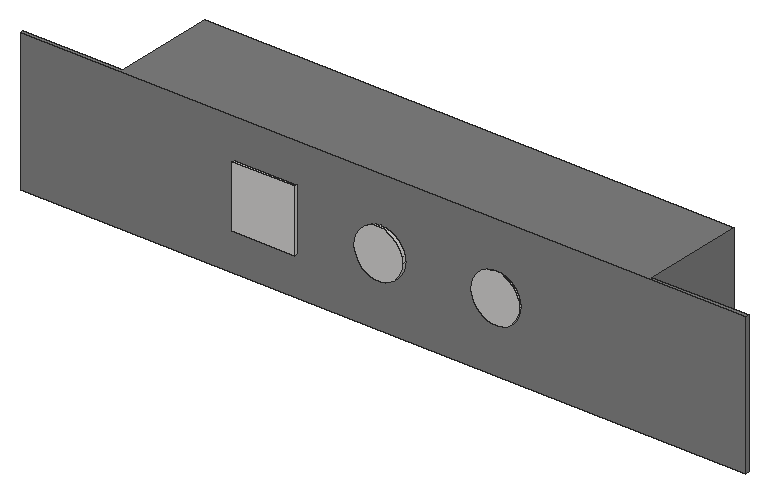
Revit family "400N", category Generic Models, Revit 2021
Family settings
  Can host rebar = No
  Round Connector Dimension = Use Diameter
  Part Type = Normal
  Work Plane-Based = No
  Always vertical = Yes
  Cut with Voids When Loaded = No
  Shared = No
  Room Calculation Point = No
Parameters (values of type "Standard")
  e-mail = "info@vola.com"
  URL = "http://vola.com"
  Telephone = "+45 7023 5500"
  Quality management standard = "ISO 9001"
  Organisation no. / DUNS no. = "17531328"
  Occupational health and safety management standard = "ISO 18001"
  Mounting Instructions = "http://vola.com/service/producturl.ashx?name=400N"
  Model = "400N"
  Materials and components information = "http://vola.com/service/producturl.ashx?name=400N"
  Manufacturer = "VOLA A/S"
  Maintenance Instructions = "http://vola.com/service/producturl.ashx?name=400N"
  Guarantee = "2 years"
  Flow = "15,00 l/min"
  Environmental management standard = "ISO 14000"
  Default Elevation = 0.00 mm
  Connection - All relevant connections = ""
  Approvals = "http://vola.com/service/producturl.ashx?name=400N"
Reference planes
  plane 1 "Center (Front/Back)": y = 0
  plane 2: z = 0
  plane 3 "Center (Left/Right)": x = 0
  plane 4: z = 69.25
  plane 5: y = -73.5
  plane 6: y = -26
Forms (mm)
  Extrusion 1, solid, material "Stainless Steel"
    sketch origin (0, -1, 0.25) x (1, 0, 0) y (0, 0, 1)
      loop
        circle (39, 69) r 16.5
    from 70.5 to 72.5
  Extrusion 2, solid, material "Stainless Steel"
    sketch origin (1032.5, -3.5, 0.25) x (-1, 0, 0) y (0, 0, -1)
      loop
        line (1092.5, -90) -> (1092.5, -48) -> (1050.5, -48) -> (1050.5, -90) -> (1092.5, -90)
    from 68 to 70
  Extrusion 3, solid, material "Default"
    sketch origin (0, -1, 0.25) x (1, 0, 0) y (0, 1, 0)
      loop
        line (-137.5, 1) -> (-137.5, -68) -> (220.5, -68) -> (220.5, 1) -> (-137.5, 1)
    from 21.5 to 116.5
  Extrusion 4, solid, material "Stainless Steel"
    sketch origin (0, -1, 21.75) x (0, 1, 0) y (1, 0, 0)
      loop
        circle (-25, -12) r 14
    from 0 to 21.75
  Extrusion 5, solid, material "Stainless Steel"
    sketch origin (-54, -1, 21.75) x (0, 1, 0) y (1, 0, 0)
      loop
        circle (-25, -12) r 14
    from 0 to 21.75
  Extrusion 6, solid, material "Stainless Steel"
    sketch origin (78, -1, 0.25) x (1, 0, 0) y (0, 0, 1)
      loop
        circle (39, 69) r 16.5
    from 70.5 to 71
  Sweep 7, solid, material "Stainless Steel"
    path origin (0.02, -37.751, 138.25) x (-0.999487, 0.032035, 0) y (0, 0, 1)
      loop
        line (-39, -69) -> (-39, -105.19)
        arc (-39, -105.19) -> (-45.59, -121.1) -> (-61.5, -127.69) r 22.5
        line (-61.5, -127.69) -> (-94.5, -127.69)
        arc (-94.5, -127.69) -> (-110.41, -121.1) -> (-117, -105.19) r 22.5
        line (-117, -105.19) -> (-117, -69)
    profile origin (39, -39, 51.155) x (0.032035, 0.999487, 0) y (-0.999487, 0.032035, 0)
      loop
        circle (0, 0) r 7.5
  Extrusion 8, solid, material "Default"
    sketch origin (0, -1, 0) x (1, 0, 0) y (0, 1, 0)
      loop
        line (-205, -68) -> (-205, -70.5) -> (285.5, -70.5) -> (285.5, -68) -> (-205, -68)
    from 21.75 to 116.75
  Extrusion 9, void
    sketch origin (0, -1, 21.75) x (1, 0, 0) y (0, 1, 0)
      loop
        line (140.879, -55.5) -> (140.879, -25.5) -> (20.879, -25.5) -> (20.879, -55.5) -> (140.879, -55.5)
    from 0 to 20
Cuts and joins
  Extrusion 9 cuts Extrusion 8
  joined: Extrusion 3, Extrusion 8
  Extrusion 9 cuts Sweep 7
Lines and regions (mm)
  reference lines
    curve 1: line (-39, -26, 69.25) -> (-39, -123.5, 69.25)
    curve 2: line (39, -26, 69.25) -> (39, -123.5, 69.25)
    curve 3: line (-66, -26, 69.25) -> (-66, -26, -29.75)
    curve 4: line (-12, -26, 69.25) -> (-12, -26, -29.75)
    curve 5: line (117, -26, 69.25) -> (117, -123.5, 69.25)
    curve 6: line (39, -39, 69.25) -> (39, -39, 168.25)
Dimensions and locks
  aligned and locked: plane 2 to level
  aligned and locked: Extrusion 3 to Extrusion 8
  aligned and locked: Extrusion 8 to Extrusion 3
